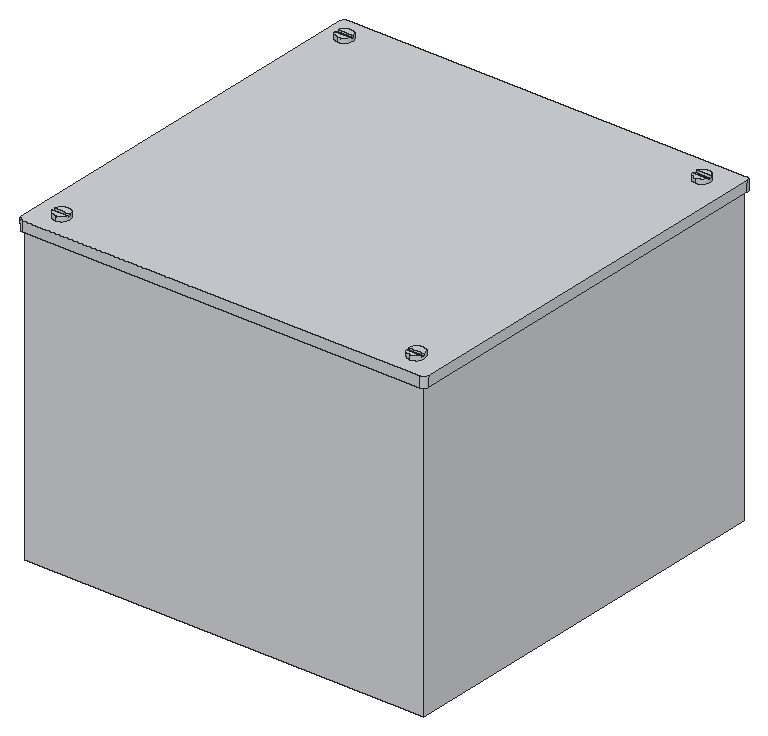
Revit family "AB07G", category Generic Models, Revit 2017
Family settings
  Can host rebar = No
  Round Connector Dimension = Use Diameter
  Part Type = Normal
  Work Plane-Based = Yes
  Always vertical = No
  Cut with Voids When Loaded = No
  Shared = No
  Room Calculation Point = No
Parameters (values of type "NBS Standard Parameters")
  Weight = "0.53Kg"
  WarrantyStartDate [instance] = "1900-12-31T23:59:59"
  WarrantyGuarantorParts = "n/a"
  WarrantyGuarantorLabor = "n/a"
  WarrantyDurationUnit = "1 year"
  WarrantyDurationParts = "n/a"
  WarrantyDurationLabor = "n/a"
  WarrantyDescription = "n/a"
  Version = "1"
  Uniclass2 = "Pr_65_52_01_86"
  TagNumber [instance] = "n/a"
  SustainabilityPerformance = "n/a"
  Size = "100x100x100mm (4x4x4 inch )"
  Shape = "Square"
  SerialNumber [instance] = "n/a"
  Revision = "n/a"
  ReplacementCost = "n/a"
  ProductInformation = "www.metpro.co.uk/pdf/AB07G.pdf"
  NominalWidth = 100 mm
  NominalLength = 100 mm
  NominalHeight = 100 mm
  Name = ""
  NBSTypeID = ""
  NBSReference = "45-35-00/340"
  NBSOfficeMasterTag = ""
  NBSNote = ""
  NBSDescription = "Surface Boxes"
  NBSCertification = ""
  ModelReference = "AB07G"
  ModelNumber = "n/a"
  Material = "Galavnised Steel Sheet"
  ManufacturerURL = "www.metpro.co.uk"
  ManufacturerName = "Metpro Ltd"
  Keynote = "Compliant to LU standard 1-085"
  InstallationDate [instance] = "1900-12-31T23:59:59"
  IfcExportType = ""
  IfcExportAs = ""
  Grade = "n/a"
  Finish = "Pre Galvanised Steel Sheet"
  Features = "n/a"
  ExpectedLife = "n/a"
  DurationUnit = "year"
  Description = "AB07G  -  100x100x100mm (4x4x4 Inches) Adabtable Boxes - Plain"
  Default Elevation = 1219.2 mm
  Constituents = "n/a"
  Color = "n/a"
  CodePerformance = "n/a"
  Category = "n/a"
  BarCode [instance] = "n/a"
  BIMObjectName = "Metpro_metprolibrary_surfaceboxes_adaptablebox_plainsided"
  Author = "Metpro Limited"
  AssetType = ""
  AssetIdentifier [instance] = "n/a"
  AccessibilityPerformance = "n/a"
Reference planes
  plane 1 "Center (Front/Back)": y = 0
  plane 2: z = 0
  plane 3 "Center (Left/Right)": x = 0
Forms (mm)
  Extrusion 1, solid
    sketch origin (56.894, -49.886, 18.985) x (0, -1, 0) y (1, 0, 0)
      loop
        line (-2.199, -105) -> (-2.199, -5) -> (-102.199, -5) -> (-102.199, -105) -> (-2.199, -105)
    from -1.726 to 72.5
  Extrusion 2, solid
    sketch origin (56.894, -49.886, 91.485) x (0, -1, 0) y (1, 0, 0)
      loop
        line (-101.999, -106) -> (-2.399, -106)
        arc (-2.399, -106) -> (-1.55, -105.649) -> (-1.199, -104.8) r 1.2
        line (-1.199, -104.8) -> (-1.199, -5.2)
        arc (-1.199, -5.2) -> (-1.55, -4.351) -> (-2.399, -4) r 1.2
        line (-2.399, -4) -> (-101.999, -4)
        arc (-101.999, -4) -> (-102.847, -4.351) -> (-103.199, -5.2) r 1.2
        line (-103.199, -5.2) -> (-103.199, -104.8)
        arc (-103.199, -104.8) -> (-102.847, -105.649) -> (-101.999, -106) r 1.2
    from 0 to 2.5
  Extrusion 3, solid
    sketch origin (56.894, -49.886, 93.985) x (0, -1, 0) y (1, 0, 0)
      loop
        circle (-97.303, -101.104) r 2
      loop
        circle (-7.199, -99.783) r 2
      loop
        circle (-97.114, -11.378) r 2
      loop
        circle (-7.199, -11) r 2
    from 0 to 1
  Extrusion 4, void
    sketch origin (56.372, -50.003, 94.985) x (1, 0, 0) y (0, -1, 0)
      loop
        line (-107.722, -98.004) -> (-96.376, -98.004) -> (-96.376, -96.919) -> (-107.722, -96.919) -> (-107.722, -98.004)
      loop
        line (-106.177, -6.678) -> (-106.177, -7.678) -> (-95.216, -7.678) -> (-95.216, -6.678) -> (-106.177, -6.678)
      loop
        line (-16, -96.651) -> (-16, -97.87) -> (-6.823, -97.87) -> (-6.823, -96.651) -> (-16, -96.651)
      loop
        line (-17.334, -6.516) -> (-17.334, -7.511) -> (-5.123, -7.511) -> (-5.123, -6.516) -> (-17.334, -6.516)
    from 0 to 0.5
Cuts and joins
  Extrusion 4 cuts Extrusion 3
Dimensions and locks
  aligned and locked: level to plane 2
